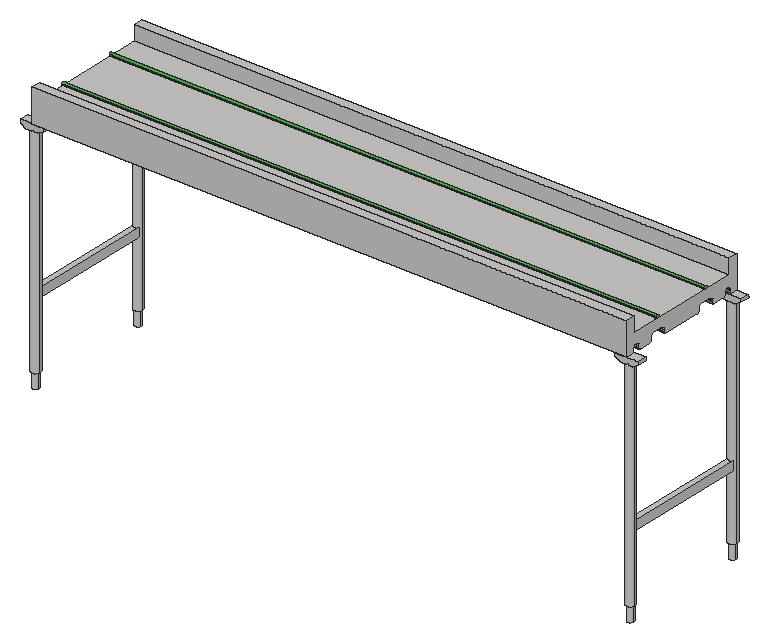
Revit family "QF_ELECTROLUXPROFESSIONAL_865123_HSCCT20", category Attrezzature speciali, Revit 2020
Family settings
  Quota connettore circolare = Usa diametro
  Tipo di parte = Normale
  Basato su piano di lavoro = No
  Sempre verticale = Sì
  Taglio con vuoti quando caricato = No
  Condiviso = No
  Punto di calcolo locali = No
Parameters (values of type "Standard")
  Weight = 28.00 kg
  Watts = 0 W
  Volts = 0 V
  URL Manufacturer = "https://www.electroluxprofessional.com/"
  URL = "https://www.electroluxprofessional.com/"
  Steam Supply Size = 0 mm
  Steam Supply Minimum Pressure = 0.0 Pa
  Steam Supply Maximum Pressure = 0.0 Pa
  Steam Consumption per Hour = 0
  Show Clearance [instance] = yes
  Refrigeration Suction Line Size = 0 mm
  Refrigeration Liquid Line Size = 0 mm
  Refrigerant Compressor Remote = yes
  Prospetto di default = 0 mm
  Produttore = "Electrolux Professional"
  Phase = 0
  Modello = "HSCCT20"
  Length Actual = 2000 mm  # constant formula
  Item Number = "865123"
  Hot Water Size = 0 mm
  Height Actual = 110 mm  # constant formula
  HP = "0 HP"
  Gas Size = 0 mm
  Gas KW = 0
  Gas Input Pressure = 0 W
  Direct Waste Size = 0 mm
  Description = "CORD CONVEYOR FOR TRAYS, 2000 MM "
  Depth Actual = 460 mm  # constant formula
  Cycle = 0 Hz
  Condensate Return Size = 0 mm
  Compressed Air Volume = 0.0 L/s
  Compressed Air Size = 0 mm
  Compressed Air Pressure = 0.0 Pa
  Cold Water Size = 0 mm
  Accessory = yes
Reference planes
  plane 1 "Center (Front/Back)": y = 0
  plane 2: z = 0
  plane 3 "FRONT": y = -460
  plane 4 "LEFT": x = -126
  plane 5 "RIGHT": x = 1874
  plane 6: z = 800.5
  plane 7: x = 874
  plane 8: y = -230
  plane 9: z = 910.5
  plane 10: y = -130
  plane 11: y = -330
  plane 12: x = -126
  plane 13: z = 270.5
Forms (mm)
  Extrusion 1, solid, material "QF_Finishes_Stainless Steel"
    sketch origin (0, 0, 800.5) x (0, 1, 0) y (0, 0, 1)
      loop
        line (0, 110) -> (-30, 110) -> (-30, 60) -> (-430, 60) -> (-430, 110) -> (-460, 110) -> (-460, 0) -> (-442, 0)
        arc (-442, 0) -> (-437.05, 2.05) -> (-435, 7) r 7
        line (-435, 7) -> (-435, 12.5)
        arc (-435, 12.5) -> (-431.339, 21.339) -> (-422.5, 25) r 12.5
        arc (-422.5, 25) -> (-413.661, 21.339) -> (-410, 12.5) r 12.5
        line (-410, 12.5) -> (-410, 7)
        arc (-410, 7) -> (-407.95, 2.05) -> (-403, 0) r 7
        line (-403, 0) -> (-367, 0)
        arc (-367, 0) -> (-362.05, 2.05) -> (-360, 7) r 7
        line (-360, 7) -> (-360, 12.5)
        arc (-360, 12.5) -> (-356.339, 21.339) -> (-347.5, 25) r 12.5
        line (-347.5, 25) -> (-312.5, 25)
        arc (-312.5, 25) -> (-303.661, 21.339) -> (-300, 12.5) r 12.5
        line (-300, 12.5) -> (-300, 6.708)
        arc (-300, 6.708) -> (-298.612, 2.525) -> (-295, 0) r 7
        line (-295, 0) -> (-167, 0)
        arc (-167, 0) -> (-162.05, 2.05) -> (-160, 7) r 7
        line (-160, 7) -> (-160, 12.5)
        arc (-160, 12.5) -> (-156.339, 21.339) -> (-147.5, 25) r 12.5
        line (-147.5, 25) -> (-112.5, 25)
        arc (-112.5, 25) -> (-103.661, 21.339) -> (-100, 12.5) r 12.5
        line (-100, 12.5) -> (-100, 7)
        arc (-100, 7) -> (-97.95, 2.05) -> (-93, 0) r 7
        line (-93, 0) -> (-57, 0)
        arc (-57, 0) -> (-52.05, 2.05) -> (-50, 7) r 7
        line (-50, 7) -> (-50, 12.5)
        arc (-50, 12.5) -> (-46.339, 21.339) -> (-37.5, 25) r 12.5
        arc (-37.5, 25) -> (-28.661, 21.339) -> (-25, 12.5) r 12.5
        line (-25, 12.5) -> (-25, 7)
        arc (-25, 7) -> (-22.95, 2.05) -> (-18, 0) r 7
        line (-18, 0) -> (0, 0) -> (0, 110)
    from -126 to 1874
  Extrusion 2, solid, material "QF_Finishes_Green"
    sketch origin (0, 100, 800.5) x (0, 1, 0) y (0, 0, 1)
      loop
        circle (-230, 65) r 5
    from -126 to 1874
  Extrusion 3, solid, material "QF_Finishes_Green"
    sketch origin (0, -560, 800.5) x (0, -1, 0) y (0, 0, -1)
      loop
        circle (-230, -65) r 5
    from -126 to 1874
  Extrusion 4, solid, material "QF_Finishes_Stainless Steel"
    sketch origin (0, 250, 0) x (-1, 0, 0) y (0, 0, 1)
      loop
        line (166, 800.5) -> (86, 800.5) -> (86, 790.5) -> (106, 778.953) -> (146, 778.953) -> (166, 790.5) -> (166, 800.5)
    from -710 to -680
  Revolve 5, solid, material "QF_Finishes_Stainless Steel"
    sketch origin (0, -445, 0) x (-1, 0, 0) y (0, 0, 1)
      loop
        line (126, 778.953) -> (111, 778.953) -> (111, 50.5) -> (116, 50.5) -> (116, 0) -> (126, 0) -> (126, 778.953)
      axis (126, 778.953) -> (126, 0)
    angle from 0 to 360
  Extrusion 6, solid, material "QF_Finishes_Stainless Steel"
    sketch origin (0, 680, 0) x (-1, 0, 0) y (0, 0, 1)
      loop
        line (166, 800.5) -> (86, 800.5) -> (86, 790.5) -> (106, 778.953) -> (146, 778.953) -> (166, 790.5) -> (166, 800.5)
    from -710 to -680
  Revolve 7, solid, material "QF_Finishes_Stainless Steel"
    sketch origin (0, -15, 0) x (-1, 0, 0) y (0, 0, 1)
      loop
        line (126, 778.953) -> (111, 778.953) -> (111, 50.5) -> (116, 50.5) -> (116, 0) -> (126, 0) -> (126, 778.953)
      axis (126, 778.953) -> (126, 0)
    angle from 0 to 360
  Extrusion 8, solid, material "QF_Finishes_Stainless Steel"
    sketch origin (-262, 0, 128.154) x (0, 1, 0) y (0, 0, -1)
      loop
        line (-20, -172.346) -> (-20, -142.346) -> (-440, -142.346) -> (-440, -172.346) -> (-20, -172.346)
    from -146 to -126
  Extrusion 9, solid, material "QF_Finishes_Stainless Steel"
    sketch origin (2000, 680, 0) x (-1, 0, 0) y (0, 0, 1)
      loop
        line (166, 800.5) -> (86, 800.5) -> (86, 790.5) -> (106, 778.953) -> (146, 778.953) -> (166, 790.5) -> (166, 800.5)
    from -710 to -680
  Revolve 10, solid, material "QF_Finishes_Stainless Steel"
    sketch origin (2000, -15, 0) x (-1, 0, 0) y (0, 0, 1)
      loop
        line (126, 778.953) -> (111, 778.953) -> (111, 50.5) -> (116, 50.5) -> (116, 0) -> (126, 0) -> (126, 778.953)
      axis (126, 778.953) -> (126, 0)
    angle from 0 to 360
  Extrusion 11, solid, material "QF_Finishes_Stainless Steel"
    sketch origin (2000, 250, 0) x (-1, 0, 0) y (0, 0, 1)
      loop
        line (166, 800.5) -> (86, 800.5) -> (86, 790.5) -> (106, 778.953) -> (146, 778.953) -> (166, 790.5) -> (166, 800.5)
    from -710 to -680
  Revolve 12, solid, material "QF_Finishes_Stainless Steel"
    sketch origin (2000, -445, 0) x (-1, 0, 0) y (0, 0, 1)
      loop
        line (126, 778.953) -> (111, 778.953) -> (111, 50.5) -> (116, 50.5) -> (116, 0) -> (126, 0) -> (126, 778.953)
      axis (126, 778.953) -> (126, 0)
    angle from 0 to 360
  Extrusion 13, solid, material "QF_Finishes_Stainless Steel"
    sketch origin (2010, 0, 128.154) x (0, 1, 0) y (0, 0, 1)
      loop
        line (-20, 172.346) -> (-440, 172.346) -> (-440, 142.346) -> (-20, 142.346) -> (-20, 172.346)
    from -146 to -126
Dimensions and locks
  plane 4 "LEFT" to plane 5 "RIGHT" = 2000 mm
  plane 1 "Center (Front/Back)" to plane 3 "FRONT" = 460 mm  (x2)
  plane 5 "RIGHT" to plane 4 "LEFT" = 2000 mm
  plane 9 to level = 910.5 mm  (x2)
  plane 10 to plane 11 = 200 mm
  plane 9 to plane 6 = 110 mm
  plane 9 to plane 13 = 640 mm
  Extrusion 6 to Extrusion 4 = 400 mm
  plane 9 to Extrusion 1 = 50 mm
  Extrusion 1 to Extrusion 1 = 30 mm
  aligned and locked: level to plane 2
